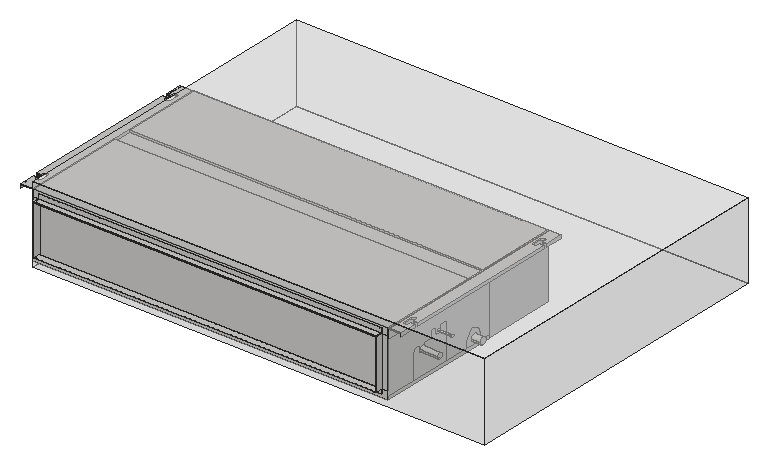
Revit family "outputfile", category 機械設備, Revit 2024
Family settings
  丸型コネクタ寸法 = 半径を使用
  パーツ タイプ = 標準
  OmniClass 番号 = 23.75.10.24.21.27.27
  OmniClass タイトル = Split System Air Conditioning Units
  作業面ベース = いいえ
  常に垂直 = はい
  ロード時にボイドで切り取り = いいえ
  注釈の向きを維持 = いいえ
  共有 = いいえ
  部屋計算ポイント = はい
Parameters (values of type "CDXM71RVMA")
  Description = ""
  書き出し IFC クラス(タイプ) = "IfcUnitaryEquipmentType"
  定義済み IFC タイプ(タイプ) = "AIRCONDITIONINGUNIT"
  Cost = 0
  Type Comments = ""
  Keynote = ""
  Type Image = (empty or 0)
  Assembly Code = ""
  switch_frequency = yes
  ld_powersupply = Depth / 2  # 310.0 mm
  製造元 = "Daikin"
  モデル = "CDXM71RVMA"
  r_Liquid Pipe Size = Liquid Pipe Size / 2  # 3.2 mm
  r_Gas Pipe Size = Gas Pipe Size / 2  # 7.95 mm
  r_Drain Pipe Size = Drain Pipe Size / 2  # 10.0 mm
  lw_powersupply = 50.0 mm  # constant formula
  lw_ductflange2 = 1020.0 mm
  lw_Width = 1060.0 mm
  lh_suctionflange [instance] = 100.0 mm  # constant formula
  ld_suctionflange [instance] = if(Rear Connection_Return Air, 190.0 mm, 100.0 mm)  # 190.0 mm
  connector_voltage = Voltage_50Hz  # 230 V
  connector_powerinput = if([Power Input (Cooling)] > [Power Input (Heating)], [Power Input (Cooling)], [Power Input (Heating)])  # 0.000 kW
  connector_phase = Phase_50Hz  # 1
  angle_vertical_RA [instance] = if(Rear Connection_Return Air, 90.00°, 0.00°)  # 90.00°
  angle horizontal_RA [instance] = if(Rear Connection_Return Air, 180.00°, 270.00°)  # 180.00°
  Voltage_comment_50Hz = "220 - 240"
  Voltage_50Hz = 230 V
  URL = ""
  Supply Air Direction [instance] = yes
  Sound Power Level_H speed (dB) = 0
  Rear Connection_Return Air [instance] = not(Bottom Connection_Return Air)  # yes
  RA_length [instance] = if(Rear Connection_Return Air, 190.0 mm, 100.0 mm)  # 190.0 mm
  Phase_50Hz = 1
  Minimum External Static Pressure = 0.00 Pa
  Minimum Circuit Amps_50Hz = 0.0 A
  Maximum Fuse Amps_50Hz = 0.0 A
  Maximum External Static Pressure = 40.00 Pa
  Material_Casing = DAIKIN_GalvanizedSteel_Casing_indoorunit
  lw_liquidpipe = 46.0 mm  # constant formula
  lw_gaspipe = 57.0 mm  # constant formula
  lw_mountinghole = 1140.0 mm
  lw_drainpipe = 30.0 mm  # constant formula
  lh_powersupply = 150.0 mm  # constant formula
  lh_liquidpipe = 90.0 mm  # constant formula
  lh_gaspipe = 113.0 mm  # constant formula
  lh_mountinghole = Height  # 200.0 mm
  lh_drainpipe = 170.0 mm  # constant formula
  lh_antena = 1.0 mm  # constant formula
  ld_liquidpipe = 193.0 mm  # constant formula
  ld_gaspipe = 130.0 mm  # constant formula
  ld_mountinghole = 500.0 mm  # constant formula
  ld_drainpipe = 330.0 mm  # constant formula
  ld_controlbox = 626.0 mm  # constant formula
  h*** = 0.0 mm  # constant formula
  d_dischargeflange = 21.2 mm  # constant formula
  Width = 1100.0 mm
  Version = "ver.1.0"
  Unit Type = "Duct(L.S.P)"
  Unit Mass Weight = 30.00 kg
  Unit Designation [instance] = ""
  Uniclass2015Version = "Products v1.30"
  Uniclass2015Title = "Split coil room air conditioning units"
  Uniclass2015Code = "Pr_70_65_03_86"
  Total Heating Capacity [instance] = 0.000 kW
  Total Cooling Capacity [instance] = 0.000 kW
  Sound Pressure Level_M speed (dBA) = 36
  Sound Pressure Level_L speed (dBA) = 34
  Sound Pressure Level_H speed (dBA) = 38
  Series = "Multi Split_Fan Coil Unit"
  Sensible Cooling Capacity [instance] = 0.000 kW
  SA Duct Size Width = 1060.0 mm
  SA Duct Size Height = 153.0 mm
  Refrigerant Type = "R32"
  RA Duct Size Width = 980.0 mm
  RA Duct Size Height = 160.0 mm
  Power Input (Heating) = 0.000 kW
  Power Input (Cooling) = 0.000 kW
  Option Accessory 3 [instance] = ""
  Option Accessory 2 [instance] = ""
  Option Accessory 1 [instance] = ""
  Nominal Heating Capacity = 8.600 kW
  Nominal Cooling Capacity = 7.100 kW
  Minimum Airflow = 810.00 m³/h
  Median Airflow = 888.00 m³/h
  Maximum Airflow = 960.00 m³/h
  Load Classification = HVAC
  Liquid Pipe Size = 6.4 mm
  Link_Nested Family [instance] = ""
  IfcVersion = ""
  IfcExportType = "AIRCONDITIONINGUNIT"
  IfcExportAs = "IfcUnitaryEquipmentType"
  Height = 200.0 mm
  Heating Entering Wet Bulb Temperature [instance] = 0.00 °C
  Heating Entering Dry Bulb Temperature [instance] = 0.00 °C
  Heating Ambient Wet Bulb Temperature [instance] = 0.00 °C
  Heating Ambient Dry Bulb Temperature [instance] = 0.00 °C
  Heat Exchanger Type = "Cross Fin Coil"
  Gas Pipe Size = 15.9 mm
  Frequency_50Hz = 50 Hz
  Fan Type = "Sirocco Fan"
  Fan Drive = "Direct Drive"
  FCU Tag No. [instance] = ""
  Drain Pipe Size = 20.0 mm
  Design Supply Airflow [instance] = 0.00 m³/h
  Design Return Airflow [instance] = 0.00 m³/h
  Design External Static Pressure [instance] = 0.00 Pa
  Depth = 620.0 mm
  既定の高さ = 0.0 mm
  Cooling Entering Wet Bulb Temperature [instance] = 0.00 °C
  Cooling Entering Dry Bulb Temperature [instance] = 0.00 °C
  Cooling Ambient Wet Bulb Temperature [instance] = 0.00 °C
  Cooling Ambient Dry Bulb Temperature [instance] = 0.00 °C
  Clearance visibility [instance] = yes
  Clearance Top = 20.0 mm
  Clearance Right = 300.0 mm
  Clearance Rear = 400.0 mm
  Clearance Left = 0.0 mm
  Clearance Front = 0.0 mm
  Clearance Bottom = 20.0 mm
  Bottom Connection_Return Air [instance] = no
Reference planes
  plane 1 "Center (Front/Back)": y = 0
  plane 2: z = 0
  plane 3 "Center (Left/Right)": x = 0
  plane 4 "Back": y = 310
  plane 5 "Front": y = -310
  plane 6 "Left": x = -550
  plane 7 "Right": x = 550
  plane 8 "Top": z = 0
  plane 9 "Bottom": z = -200
  plane 10: x = -570
  plane 11: x = 570
  plane 12: y = 250
  plane 13: z = 0
  plane 14 "Clearance Left": x = -550
  plane 15 "Clearance Right": x = 850
  plane 16 "Clearance Rear": y = 710
  plane 17 "Clearance Front": y = -310
  plane 18 "Clearance Top": z = 20
  plane 19 "Clearance Bottom": z = -220
  plane 20: y = -250
  plane 21: z = -21
  plane 22: z = -97.5
  plane 23: x = -40
  plane 24: y = 120
  plane 25: z = -100
  plane 26: y = -180
  plane 27: z = -113
  plane 28: y = -117
  plane 29: z = -90
  plane 30: y = 20
  plane 31: z = -170
  plane 32: x = 607
  plane 33: x = 596
  plane 34: x = 580
  plane 35: x = 500
  plane 36: z = -150
Forms (mm)
  Extrusion 1, solid, material "DAIKIN_GalvanizedSteel_Casing_indoorunit" <- "Material_Casing"
    sketch origin (0, 0, 0) x (1, 0, 0) y (0, 1, 0)
      loop
        line (-550, -310) -> (550, -310) -> (550, 310) -> (-550, 310) -> (-550, -310)
    from -200 to 0
  Extrusion 2, void
    sketch origin (0, 0, 1) x (1, 0, 0) y (0, 1, 0)
      loop
        line (-550, 61.5) -> (-550, 3.5) -> (550, 3.5) -> (550, 61.5) -> (-550, 61.5)
    from -1 to -7
  Extrusion 3, solid, material "DAIKIN_GalvanizedSteel_Casing_indoorunit" <- "Material_Casing", visible <- "Bottom Connection_Return Air"
    sketch origin (0, 0, 0) x (1, 0, 0) y (0, 0, 1)
      loop
        line (469, -200) -> (469, -1) -> (-549, -1) -> (-549, -200) -> (469, -200)
    from -310 to -309
  Extrusion 4, solid, material "DAIKIN_GalvanizedSteel_Casing_indoorunit" <- "Material_Casing", visible <- "Rear Connection_Return Air"
    sketch origin (0, 0, 0) x (1, 0, 0) y (0, 1, 0)
      loop
        line (-549, 310) -> (-549, 111) -> (469, 111) -> (469, 310) -> (-549, 310)
    from -200 to -199
  Extrusion 5, solid, material "DAIKIN_GalvanizedSteel_Casing_indoorunit" <- "Material_Casing"
    sketch origin (550, 0, 0) x (0, 1, 0) y (0, 0, 1)
      loop
        circle (-180, -113) r 7.95
    from 0 to 57
  Extrusion 6, solid, material "DAIKIN_GalvanizedSteel_Casing_indoorunit" <- "Material_Casing"
    sketch origin (550, 0, 0) x (0, 1, 0) y (0, 0, 1)
      loop
        circle (-117, -90) r 3.2
    from 0 to 46
  Extrusion 7, solid, material "DAIKIN_GalvanizedSteel_Casing_indoorunit" <- "Material_Casing"
    sketch origin (550, 0, 0) x (0, 1, 0) y (0, 0, 1)
      loop
        circle (20, -170) r 10
    from 0 to 30
  Extrusion 8, solid, material "DAIKIN_GalvanizedSteel_Casing_indoorunit" <- "Material_Casing"
    sketch origin (550, 0, 0) x (0, 1, 0) y (0, 0, 1)
      loop
        line (-310, -200) -> (78.6, -200) -> (78.6, -193)
        arc (78.6, -193) -> (77.721, -190.879) -> (75.6, -190) r 3
        line (75.6, -190) -> (-310, -190) -> (-310, -200)
    from 0 to -1
  Extrusion 9, solid, material "DAIKIN_GalvanizedSteel_Casing_indoorunit" <- "Material_Casing"
    sketch origin (550, 0, 0) x (0, 1, 0) y (0, 0, 1)
      loop
        line (-210, -190) -> (-85.6, -190) -> (-85.6, -83)
        arc (-85.6, -83) -> (-86.479, -80.879) -> (-88.6, -80) r 3
        line (-88.6, -80) -> (-102, -80)
        arc (-102, -80) -> (-104.121, -80.879) -> (-105, -83) r 3
        line (-105, -83) -> (-105, -90)
        arc (-105, -90) -> (-117, -102) -> (-129, -90) r 12
        line (-129, -90) -> (-129, -83)
        arc (-129, -83) -> (-129.879, -80.879) -> (-132, -80) r 3
        line (-132, -80) -> (-136.1, -80)
        arc (-136.1, -80) -> (-138.221, -80.879) -> (-139.1, -83) r 3
        line (-139.1, -83) -> (-139.1, -102.7) -> (-165, -102.7)
        arc (-165, -102.7) -> (-167.121, -103.579) -> (-168, -105.7) r 3
        line (-168, -105.7) -> (-168, -113)
        arc (-168, -113) -> (-180, -125) -> (-192, -113) r 12
        line (-192, -113) -> (-192, -105.7)
        arc (-192, -105.7) -> (-192.879, -103.579) -> (-195, -102.7) r 3
        line (-195, -102.7) -> (-207, -102.7)
        arc (-207, -102.7) -> (-209.121, -103.579) -> (-210, -105.7) r 3
        line (-210, -105.7) -> (-210, -190)
    from 0 to -1
  Extrusion 10, solid, material "DAIKIN_GalvanizedSteel_Casing_indoorunit" <- "Material_Casing"
    sketch origin (550, 0, 0) x (0, 1, 0) y (0, 0, 1)
      loop
        arc (44.5, -170) -> (20, -145.5) -> (-4.5, -170) r 24.5
        line (-4.5, -170) -> (-4.5, -190) -> (44.5, -190) -> (44.5, -170)
    from 0 to -1
  Extrusion 11, solid, material "DAIKIN_GalvanizedSteel_Casing_indoorunit" <- "Material_Casing"
    sketch origin (550, 0, 0) x (0, 1, 0) y (0, 0, 1)
      loop
        arc (86.6, -22) -> (84.479, -22.879) -> (83.6, -25) r 3
        line (83.6, -25) -> (83.6, -194.5)
        arc (83.6, -194.5) -> (84.479, -196.621) -> (86.6, -197.5) r 3
        line (86.6, -197.5) -> (307, -197.5)
        arc (307, -197.5) -> (309.121, -196.621) -> (310, -194.5) r 3
        line (310, -194.5) -> (310, -25)
        arc (310, -25) -> (309.121, -22.879) -> (307, -22) r 3
        line (307, -22) -> (86.6, -22)
    from 0 to -1
Cuts and joins
  Extrusion 2 cuts Extrusion 1
Dimensions and locks
  "Height": plane 8 "Top" to plane 9 "Bottom"
  equal spacing: plane 10, plane 3 "Center (Left/Right)", plane 11
  "lw_mountinghole": plane 10 to plane 11
  equal spacing: plane 6 "Left", plane 3 "Center (Left/Right)", plane 7 "Right"
  "Width": plane 6 "Left" to plane 7 "Right"
  "Clearance Right": plane 7 "Right" to plane 15 "Clearance Right"
  "Clearance Left": plane 14 "Clearance Left" to plane 6 "Left"
  "Clearance Rear": plane 16 "Clearance Rear" to plane 4 "Back"
  "Clearance Front": plane 5 "Front" to plane 17 "Clearance Front"
  "Clearance Top": plane 18 "Clearance Top" to plane 8 "Top"
  "Clearance Bottom": plane 9 "Bottom" to plane 19 "Clearance Bottom"
  "Depth": plane 4 "Back" to plane 5 "Front"
  equal spacing: plane 4 "Back", plane 1 "Center (Front/Back)", plane 5 "Front"
  Extrusion 3 sketch curve to Extrusion 3 sketch curve = 199.0 mm
  locked: plane 20 to plane 5 "Front" at 60
  "ld_mountinghole": plane 12 to plane 20
  locked: plane 8 "Top" to plane 21 at 21
  locked: plane 23 to plane 3 "Center (Left/Right)" at 40
  "ld_suctionflange": plane 4 "Back" to plane 24
  "lh_suctionflange": plane 8 "Top" to plane 25
  "ld_gaspipe": plane 26 to plane 5 "Front"
  "lh_gaspipe": plane 8 "Top" to plane 27
  "ld_liquidpipe": plane 28 to plane 5 "Front"
  "lh_liquidpipe": plane 8 "Top" to plane 29
  "ld_drainpipe": plane 30 to plane 5 "Front"
  "lh_drainpipe": plane 8 "Top" to plane 31
  "lw_gaspipe": plane 7 "Right" to plane 32
  "lw_liquidpipe": plane 7 "Right" to plane 33
  "lw_drainpipe": plane 7 "Right" to plane 34
  "lw_powersupply": plane 35 to plane 7 "Right"
  "lh_powersupply": plane 8 "Top" to plane 36
  "r_Gas Pipe Size": radius of Extrusion 5 sketch curve
  "r_Liquid Pipe Size": radius of Extrusion 6 sketch curve
  "r_Drain Pipe Size": radius of Extrusion 7 sketch curve
  aligned and locked: level to plane 2
  aligned and locked: Extrusion 1 to plane 9 "Bottom"
  aligned and locked: plane 8 "Top" to Extrusion 1
  aligned and locked: plane 11 to nested 2
  aligned and locked: plane 10 to nested 3
  aligned and locked: plane 10 to nested 4
  aligned and locked: plane 8 "Top" to Extrusion 2
  aligned and locked: plane 9 "Bottom" to Extrusion 4  (x2)
  aligned and locked: plane 7 "Right" to cut or joined group of Extrusion 1, Extrusion 2  (x2)
  aligned and locked: plane 3 "Center (Left/Right)" to nested 9
  aligned and locked: plane 6 "Left" to nested 7
  aligned and locked: plane 8 "Top" to nested 9
  aligned and locked: plane 11 to nested 1
  aligned and locked: nested 6 to plane 1 "Center (Front/Back)"
  aligned and locked: plane 3 "Center (Left/Right)" to nested 6
  aligned and locked: level to plane 8 "Top"
  aligned and locked: plane 1 "Center (Front/Back)" to nested 9
  aligned and locked: plane 5 "Front" to nested 10
  aligned and locked: Extrusion 1 sketch curve to plane 5 "Front"
  aligned and locked: plane 21 to nested 10
  aligned and locked: nested 5 to plane 5 "Front"
  aligned and locked: plane 3 "Center (Left/Right)" to nested 5
  aligned and locked: plane 22 to nested 5
  aligned and locked: Extrusion 2 sketch curve to plane 6 "Left"
  aligned and locked: plane 7 "Right" to Extrusion 2 sketch curve
  aligned and locked: nested 11 to plane 23
  aligned and locked: nested 11 to plane 24
  aligned and locked: plane 27 to Extrusion 5 sketch curve
  aligned and locked: plane 26 to Extrusion 5 sketch curve
  aligned and locked: plane 28 to Extrusion 6 sketch curve
  aligned and locked: plane 29 to Extrusion 6 sketch curve
  aligned and locked: plane 31 to Extrusion 7 sketch curve
  aligned and locked: plane 30 to Extrusion 7 sketch curve
  aligned and locked: plane 26 to nested 12
  aligned and locked: nested 12 to plane 27
  aligned and locked: plane 32 to Extrusion 5
  aligned and locked: plane 32 to nested 12
  aligned and locked: plane 33 to Extrusion 6
  aligned and locked: plane 28 to nested 13
  aligned and locked: nested 13 to plane 29
  aligned and locked: plane 33 to nested 13
  aligned and locked: plane 34 to Extrusion 7
  aligned and locked: plane 30 to nested 14
  aligned and locked: nested 14 to plane 31
  aligned and locked: plane 34 to nested 14
  aligned and locked: Extrusion 8 sketch curve to plane 9 "Bottom"
  aligned and locked: Extrusion 8 sketch curve to plane 5 "Front"
  aligned and locked: plane 14 "Clearance Left" to nested 15
  aligned and locked: plane 15 "Clearance Right" to nested 15
  aligned and locked: plane 16 "Clearance Rear" to nested 15
  aligned and locked: nested 15 to plane 17 "Clearance Front"
  aligned and locked: nested 15 to plane 18 "Clearance Top"
  aligned and locked: nested 15 to plane 19 "Clearance Bottom"
  aligned and locked: nested 16 to plane 35
  aligned and locked: nested 16 to plane 36
  aligned and locked: plane 4 "Back" to nested 16
Automatic sketch dimensions
  Extrusion 1 sketch curve to plane 4 "Back" = 0.0 mm
  Extrusion 1 sketch curve to plane 6 "Left" = 0.0 mm
  Extrusion 1 sketch curve to plane 7 "Right" = 0.0 mm
  Extrusion 4 sketch curve to plane 4 "Back" = 0.0 mm
  plane 6 "Left" to Extrusion 3 sketch curve = 1.0 mm
  plane 6 "Left" to Extrusion 4 sketch curve = 1.0 mm
  Extrusion 4 sketch curve to plane 1 "Center (Front/Back)" = 111.0 mm
  Extrusion 3 sketch curve to plane 9 "Bottom" = 0.0 mm
  Extrusion 3 sketch curve to plane 7 "Right" = 81.0 mm
  Extrusion 4 sketch curve to plane 7 "Right" = 81.0 mm
  Extrusion 2 sketch curve to plane 1 "Center (Front/Back)" = 3.5 mm
  Extrusion 2 sketch curve to Extrusion 2 sketch curve = 58.0 mm
  plane 9 "Bottom" to Extrusion 8 sketch curve = 7.0 mm
  Extrusion 8 sketch curve to plane 24 = 44.4 mm
  Extrusion 8 sketch curve to Extrusion 8 sketch curve = 3.0 mm
  Extrusion 9 sketch curve to plane 27 = 0.0 mm
  Extrusion 9 sketch curve to plane 26 = 0.0 mm
  Extrusion 9 sketch curve to plane 29 = 0.0 mm
  Extrusion 9 sketch curve to plane 28 = 0.0 mm
  Extrusion 9 sketch curve to plane 26 = 12.0 mm
  Extrusion 9 sketch curve to plane 25 = 2.7 mm  (x2)
  Extrusion 9 sketch curve to Extrusion 9 sketch curve = 3.0 mm  (x6)
  Extrusion 9 sketch curve to Extrusion 9 sketch curve = 12.0 mm
  plane 9 "Bottom" to Extrusion 9 sketch curve = 10.0 mm
  Extrusion 9 sketch curve to plane 26 = 30.0 mm
  Extrusion 9 sketch curve to plane 28 = 22.1 mm
  Extrusion 9 sketch curve to Extrusion 9 sketch curve = 4.1 mm
  plane 29 to Extrusion 9 sketch curve = 7.0 mm  (x2)
  Extrusion 9 sketch curve to Extrusion 9 sketch curve = 13.4 mm
  Extrusion 10 sketch curve to plane 30 = 0.0 mm
  Extrusion 10 sketch curve to plane 31 = 0.0 mm
  plane 1 "Center (Front/Back)" to Extrusion 10 sketch curve = 4.5 mm
  plane 9 "Bottom" to Extrusion 10 sketch curve = 10.0 mm
  Extrusion 11 sketch curve to plane 4 "Back" = 0.0 mm
  Extrusion 11 sketch curve to Extrusion 11 sketch curve = 3.0 mm  (x3)
  Extrusion 11 sketch curve to plane 21 = 1.0 mm
  Extrusion 11 sketch curve to plane 21 = 4.0 mm
  Extrusion 11 sketch curve to plane 24 = 33.4 mm
  plane 9 "Bottom" to Extrusion 11 sketch curve = 5.5 mm
Nested families
  nested 1: "daikin_mountinghole" at (570, 250, -200), l_antenna <- "lh_antena", Link_Nested Family <- "Link_Nested Family", h_mountinghole <- "lh_mountinghole", type "daikin_mountinghole"
    with show yes, l_antenna 1.0 mm, h_mountinghole 200.0 mm, Link_Nested Family ""
  nested 2: "daikin_mountinghole" at (570, -250, -200), Link_Nested Family <- "Link_Nested Family", l_antenna <- "lh_antena", h_mountinghole <- "lh_mountinghole", type "daikin_mountinghole"
    with show yes, l_antenna 1.0 mm, h_mountinghole 200.0 mm, Link_Nested Family ""
  nested 3: "daikin_mountinghole" at (-570, -250, -200), l_antenna <- "lh_antena", Link_Nested Family <- "Link_Nested Family", h_mountinghole <- "lh_mountinghole", type "daikin_mountinghole"
    with show yes, l_antenna 1.0 mm, h_mountinghole 200.0 mm, Link_Nested Family ""
  nested 4: "daikin_mountinghole" at (-570, 250, -200), l_antenna <- "lh_antena", Link_Nested Family <- "Link_Nested Family", h_mountinghole <- "lh_mountinghole", type "daikin_mountinghole"
    with show yes, l_antenna 1.0 mm, h_mountinghole 200.0 mm, Link_Nested Family ""
  nested 5: "daikin_connector_rotate2" at (0, -310, -97.5), length <- "d_dischargeflange", type "daikin_connector_rotate2"
    with radius 10.0 mm, length 21.2 mm, angle_vertical 90.00°, show_face no
  nested 6: "daikin_△_symbolicline" at (-75, -129.904, 200) x (-0.5, 0.866, 0) z (0, 0, 1), built-in parameter 1001364 <- "Height", visible <- "Supply Air Direction", type "daikin_△_symbolicline"
    with length 300.0 mm
  nested 7: "daikin_ductflange_CDXM-RVMA_1" at (-40, 310, -100), visible <- "Rear Connection_Return Air", material <- "Material_Casing", width <- "lw_ductflange2", type "daikin_ductflange_CDXM-RVMA_1"
    with width 1020.0 mm, material DAIKIN_GalvanizedSteel_Casing_indoorunit, height 180.0 mm, depth 21.2 mm
  nested 8: "daikin_ductflange_CDXM-RVMA_1" at (-40, 210, -200) x (1, 0, 0) z (0, 1, 0), visible <- "Bottom Connection_Return Air", material <- "Material_Casing", width <- "lw_ductflange2", type "daikin_ductflange_CDXM-RVMA_1"
    with width 1020.0 mm, material DAIKIN_GalvanizedSteel_Casing_indoorunit, height 180.0 mm, depth 21.2 mm
  nested 9: "daikin_hangerfixture_CDXM-RVMA" at (0, 0, 0), type "daikin_hangerfixture_CDXM-RVMA"
    with width 1100.0 mm
  nested 10: "daikin_ductflange_CDXM-RVMA" at (0, 3.5, -364.201), width <- "lw_Width", material <- "Material_Casing", type "daikin_ductflange_CDXM-RVMA"
    with width 1060.0 mm, material DAIKIN_GalvanizedSteel_Casing_indoorunit, height 155.0 mm, depth 21.2 mm
  nested 11: "daikin_connector_rotate3" at (-40, 120, -100), length <- "RA_length", angle_vertical <- "angle_vertical_RA", angle_horizontal <- "angle horizontal_RA", type "daikin_connector_rotate3"
    with show no, radius 10.0 mm, length 190.0 mm, angle_vertical 90.00°, angle_horizontal 180.00°
  nested 12: "daikin_connector_rotate2" at (550, -180, -113) x (0, 1, 0) z (0, 0, 1), length <- "lw_gaspipe", radius <- "r_Gas Pipe Size", type "daikin_connector_rotate2"
    with radius 7.95 mm, length 57.0 mm, angle_vertical 90.00°, show_face no
  nested 13: "daikin_connector_rotate2" at (550, -117, -90) x (0, 1, 0) z (0, 0, 1), radius <- "r_Liquid Pipe Size", length <- "lw_liquidpipe", type "daikin_connector_rotate2"
    with radius 3.2 mm, length 46.0 mm, angle_vertical 90.00°, show_face no
  nested 14: "daikin_connector_rotate2" at (550, 20, -170) x (0, 1, 0) z (0, 0, 1), radius <- "r_Drain Pipe Size", length <- "lw_drainpipe", type "daikin_connector_rotate2"
    with radius 10.0 mm, length 30.0 mm, angle_vertical 90.00°, show_face no
  nested 15: "daikin_clearancespace" at (150, 200, -99.881), visible <- "Clearance visibility", Link_Nested Family <- "Link_Nested Family", show <- "Clearance visibility", type "daikin_clearancespace"
    with width 1400.0 mm, show yes, height 240.0 mm, depth 1020.0 mm, Link_Nested Family ""
  nested 16: "daikin_connector_rotate2" at (500, 0, -150) x (-1, 0, 0) z (0, 0, 1), length <- "ld_powersupply", type "daikin_connector_rotate2"
    with radius 10.0 mm, length 310.0 mm, angle_vertical 90.00°, show_face no
Connectors
  hvac at (0, -331.2, -97.5), driven by "SA Duct Size Height", driven by "SA Duct Size Width"
    settings: on nested 5, index 1, duct flow 0.00 m³/h, flow factor 0, pres drop 0.00 Pa, loss coef 0, conn angle 0.00°, conn width 1060.0 mm, conn height 153.0 mm, conn diameter 609.6 mm, duct sys type 1, conn prof type 1, flow config 0, flow direction 2, loss method 4, conn ref index -1, conn util no, is conn primary yes, conn desc "SA Duct"
  hvac at (-40, 310, -100), driven by "RA Duct Size Height", driven by "RA Duct Size Width"
    settings: on nested 11, index 2, duct flow 0.00 m³/h, flow factor 0, pres drop 0.00 Pa, loss coef 0, conn angle 0.00°, conn width 980.0 mm, conn height 160.0 mm, conn diameter 609.6 mm, duct sys type 2, conn prof type 1, flow config 0, flow direction 1, loss method 4, conn ref index -1, conn util no, is conn primary no, conn desc "RA Duct"
  piping at (607, -180, -113), diameter 15.9, driven by "r_Gas Pipe Size"
    settings: on nested 12, index 3, connector inside diameter 609.6 mm, connector length 0.0 mm, flow factor 0, pipe flow 0.00 m³/h, pressure drop 0.0 Pa, fitting loss kfactor 0, connector angle 0.00°, fixture units 0, engagement length 0.0 mm, angle of deflection 0.00°, flow configuration 1, flow direction 2, fitting loss method 0, system type 29, joint type 0, gender type 0, connector reference index -1, connector utility 0, adjustable connector no, is connector primary yes, connector description "Refrigerant Gas Piping"
  piping at (596, -117, -90), diameter 6.4, driven by "r_Liquid Pipe Size"
    settings: on nested 13, index 4, connector inside diameter 609.6 mm, connector length 0.0 mm, flow factor 0, pipe flow 0.00 m³/h, pressure drop 0.0 Pa, fitting loss kfactor 0, connector angle 0.00°, fixture units 0, engagement length 0.0 mm, angle of deflection 0.00°, flow configuration 1, flow direction 1, fitting loss method 0, system type 29, joint type 0, gender type 0, connector reference index -1, connector utility 0, adjustable connector no, is connector primary no, connector description "Refrigerant Liquid Piping"
  piping at (580, 20, -170), diameter 20, driven by "r_Drain Pipe Size"
    settings: on nested 14, index 5, connector inside diameter 609.6 mm, connector length 0.0 mm, flow factor 0, pipe flow 0.00 m³/h, pressure drop 0.0 Pa, fitting loss kfactor 0, connector angle 0.00°, fixture units 0, engagement length 0.0 mm, angle of deflection 0.00°, flow configuration 1, flow direction 2, fitting loss method 4, system type 16, joint type 0, gender type 0, connector reference index -1, connector utility 0, adjustable connector no, is connector primary no, connector description "Condensate Drain Piping"
  electrical at (500, 310, -150), driven by "Load Classification", driven by "connector_phase", driven by "connector_voltage", driven by "connector_powerinput"
    settings: on nested 16, index 6, voltage 230 V, apparent load 0 VA, apparent load phase1 0 VA, apparent load phase2 0 VA, apparent load phase3 0 VA, power factor 1, load classification "HVAC", number of poles 1, system type 30, power factor state 1, is connector primary yes, connector utility no, sub classification motor no, connector description "Power Supply"
Definition of nested family "daikin_ductflange_CDXM-RVMA_1"
  Parameters (values of type "daikin_ductflange_CDXM-RVMA_1")
    width [instance] = 620.0 mm
    material [instance] = none
    height [instance] = 180.0 mm
    depth [instance] = 21.2 mm
    Default Elevation = 0.0 mm
  Reference planes
    plane 1 "Center (Front/Back)": y = 0
    plane 2: z = 0
    plane 3 "Center (Left/Right)": x = 0
    plane 4: x = -310
    plane 5: x = 310
    plane 6: z = 90
    plane 7: z = -90
    plane 8: z = 100
    plane 9: z = -100
    plane 10: x = -309
    plane 11: x = 309
  Forms (mm)
    Extrusion 1, solid, material <- "material"
      sketch origin (0, 0, 0) x (1, 0, 0) y (0, 0, 1)
        loop
          line (-290, 80) -> (-290, -80) -> (290, -80) -> (290, 80) -> (-290, 80)
        loop
          line (-309, -99) -> (309, -99) -> (309, 99) -> (-309, 99) -> (-309, -99)
      from 0 to 1
  Dimensions and locks
    equal spacing: plane 5, plane 3 "Center (Left/Right)", plane 4, locked at 310 each
    "width": plane 5 to plane 4
    equal spacing: plane 6, level, plane 7, locked at 90 each
    "height": plane 6 to plane 7
    equal spacing: plane 8, level, plane 9, locked at 100 each
    locked: plane 8 to plane 9 at 200
    plane 10 to plane 4 = 1.0 mm
    locked: plane 5 to plane 11 at 1
    locked: Extrusion 1 sketch curve to Extrusion 1 sketch curve at 19  (x4)
    locked: plane 8 to Extrusion 1 sketch curve at 1
    locked: Extrusion 1 sketch curve to plane 9 at 1
    aligned and locked: level to plane 2
  Automatic sketch dimensions
    plane 4 to Extrusion 1 sketch curve = 1.0 mm
    Extrusion 1 sketch curve to plane 5 = 1.0 mm
Definition of nested family "daikin_hangerfixture_CDXM-RVMA"
  Parameters (values of type "daikin_hangerfixture_CDKS-EAVMA")
    width = 700.0 mm
    material = none
    height = 30.0 mm
    depth = 618.0 mm
    Default Elevation = 0.0 mm
  Reference planes
    plane 1 "Center (Front/Back)": y = 0
    plane 2: z = 0
    plane 3 "Center (Left/Right)": x = 0
    plane 4: x = 350
    plane 5: y = 309
    plane 6: y = -309
    plane 7: x = -350
    plane 8: z = -30
  Forms (mm)
    Extrusion 1, solid, material <- "material"
      sketch origin (0, 0, 0) x (1, 0, 0) y (0, 0, 1)
        loop
          line (350, 0) -> (350, -30) -> (352.3, -30) -> (352.3, -2.3) -> (387.7, -2.3) -> (387.7, -10) -> (390, -10) -> (390, 0) -> (350, 0)
      from -309 to 309
    Extrusion 2, void
      sketch origin (0, 0, 0) x (0, 1, 0) y (0, 0, 1)
        loop
          line (309, -30) -> (309, -17.979) -> (87.935, -17.979) -> (75.914, -30) -> (309, -30)
      from 0 to 450
    Extrusion 3, void
      sketch origin (0, 0, 0) x (1, 0, 0) y (0, 1, 0)
        loop
          line (390, -243.5) -> (377, -243.5) -> (377, -237)
          arc (377, -237) -> (370, -230) -> (363, -237) r 7
          line (363, -237) -> (363, -263)
          arc (363, -263) -> (370, -270) -> (377, -263) r 7
          line (377, -263) -> (377, -256.5) -> (390, -256.5) -> (390, -243.5)
        loop
          line (390, 243.5) -> (390, 256.5) -> (377, 256.5) -> (377, 263)
          arc (377, 263) -> (370, 270) -> (363, 263) r 7
          line (363, 263) -> (363, 237)
          arc (363, 237) -> (370, 230) -> (377, 237) r 7
          line (377, 237) -> (377, 243.5) -> (390, 243.5)
      from -254.96 to 618
    Extrusion 4, solid, material <- "material"
      sketch origin (0, 0, 0) x (-1, 0, 0) y (0, 0, -1)
        loop
          line (350, 0) -> (390, 0) -> (390, 10) -> (387.7, 10) -> (387.7, 2.3) -> (352.3, 2.3) -> (352.3, 30) -> (350, 30) -> (350, 0)
      from -309 to 309
    Extrusion 5, void
      sketch origin (0, 0, 0) x (-1, 0, 0) y (0, -1, 0)
        loop
          line (390, 243.5) -> (390, 256.5) -> (377, 256.5) -> (377, 263)
          arc (377, 263) -> (370, 270) -> (363, 263) r 7
          line (363, 263) -> (363, 237)
          arc (363, 237) -> (370, 230) -> (377, 237) r 7
          line (377, 237) -> (377, 243.5) -> (390, 243.5)
        loop
          line (390, -243.5) -> (377, -243.5) -> (377, -237)
          arc (377, -237) -> (370, -230) -> (363, -237) r 7
          line (363, -237) -> (363, -263)
          arc (363, -263) -> (370, -270) -> (377, -263) r 7
          line (377, -263) -> (377, -256.5) -> (390, -256.5) -> (390, -243.5)
      from -254.96 to 618
  Cuts and joins
    Extrusion 2, Extrusion 3, Extrusion 5 cuts Extrusion 1
    Extrusion 5 cuts Extrusion 4
  Dimensions and locks
    equal spacing: plane 5, plane 1 "Center (Front/Back)", plane 6
    "depth": plane 5 to plane 6
    plane 6 to plane 1 "Center (Front/Back)" to plane 5 = 309.0 mm, 309.0 mm
    equal spacing: plane 4, plane 3 "Center (Left/Right)", plane 7
    "width": plane 4 to plane 7
    "height": level to plane 8
    aligned and locked: level to plane 2
    aligned and locked: plane 5 to Extrusion 1
    aligned and locked: Extrusion 1 to plane 6
    aligned and locked: Extrusion 1 to plane 4
    aligned and locked: plane 5 to cut or joined group of Extrusion 1, Extrusion 2, Extrusion 3, Extrusion 5
    aligned and locked: cut or joined group of Extrusion 1, Extrusion 2, Extrusion 3, Extrusion 5 to plane 6
    aligned and locked: level to cut or joined group of Extrusion 1, Extrusion 2, Extrusion 3, Extrusion 5
    aligned and locked: cut or joined group of Extrusion 1, Extrusion 2, Extrusion 3, Extrusion 5 to plane 8
    aligned and locked: plane 5 to cut or joined group of Extrusion 4, Extrusion 5
    aligned and locked: cut or joined group of Extrusion 4, Extrusion 5 to plane 6
  Automatic sketch dimensions
    Extrusion 1 sketch curve to plane 4 = 0.0 mm
    Extrusion 1 sketch curve to plane 8 = 0.0 mm
    Extrusion 1 sketch curve to level = 0.0 mm
    plane 4 to Extrusion 1 sketch curve = 2.3 mm
    Extrusion 1 sketch curve to level = 2.3 mm
    Extrusion 1 sketch curve to Extrusion 1 sketch curve = 35.4 mm
    Extrusion 1 sketch curve to Extrusion 1 sketch curve = 2.3 mm
    Extrusion 1 sketch curve to Extrusion 1 sketch curve = 7.7 mm
    Extrusion 2 sketch curve to plane 8 = 0.0 mm
    Extrusion 2 sketch curve to plane 5 = 0.0 mm
    plane 8 to Extrusion 2 sketch curve = 12.021 mm
    Extrusion 2 sketch curve to plane 1 "Center (Front/Back)" = 87.935 mm
    Extrusion 2 sketch curve to Extrusion 2 sketch curve = 12.021 mm
    plane 4 to Extrusion 3 sketch curve = 13.0 mm  (x2)
    Extrusion 3 sketch curve to Extrusion 3 sketch curve = 7.0 mm  (x4)
    Extrusion 3 sketch curve to Extrusion 3 sketch curve = 13.0 mm  (x4)
    plane 6 to Extrusion 3 sketch curve = 46.0 mm
    Extrusion 3 sketch curve to Extrusion 3 sketch curve = 6.5 mm  (x4)
    Extrusion 3 sketch curve to plane 5 = 72.0 mm
    Extrusion 4 sketch curve to plane 7 = 0.0 mm
    Extrusion 4 sketch curve to plane 8 = 0.0 mm
    Extrusion 4 sketch curve to level = 0.0 mm
    Extrusion 4 sketch curve to plane 7 = 2.3 mm
    Extrusion 4 sketch curve to level = 2.3 mm
    Extrusion 4 sketch curve to Extrusion 4 sketch curve = 35.4 mm
    Extrusion 4 sketch curve to Extrusion 4 sketch curve = 2.3 mm
    Extrusion 4 sketch curve to Extrusion 4 sketch curve = 7.7 mm
    Extrusion 5 sketch curve to plane 7 = 13.0 mm  (x2)
    Extrusion 5 sketch curve to Extrusion 5 sketch curve = 7.0 mm  (x4)
    Extrusion 5 sketch curve to Extrusion 5 sketch curve = 13.0 mm  (x4)
    Extrusion 5 sketch curve to plane 5 = 46.0 mm
    Extrusion 5 sketch curve to Extrusion 5 sketch curve = 6.5 mm  (x4)
    plane 6 to Extrusion 5 sketch curve = 72.0 mm
Definition of nested family "daikin_ductflange_CDXM-RVMA"
  Parameters (values of type "daikin_ductflange_FXDQ-NDVET")
    width [instance] = 660.0 mm
    material [instance] = none
    height [instance] = 155.0 mm
    depth [instance] = 21.2 mm
    Default Elevation = 0.0 mm
  Reference planes
    plane 1 "Center (Front/Back)": y = 0
    plane 2: z = 189.201
    plane 3 "Center (Left/Right)": x = 0
    plane 4: y = -313.5
    plane 5: x = -330
    plane 6: x = 330
    plane 7: y = -334.7
    plane 8: z = 344.201
    plane 9: z = 266.701
    plane 10: z = 343.201
    plane 11: z = 190.201
  Forms (mm)
    Extrusion 1, solid, material <- "material"
      sketch origin (0, 0, 189.201) x (1, 0, 0) y (0, 1, 0)
        loop
          line (-330, -334.7) -> (-330, -313.5) -> (-350, -313.5) -> (-350, -314.5) -> (-331, -314.5) -> (-331, -334.7) -> (-330, -334.7)
        loop
          line (330, -334.7) -> (331, -334.7) -> (331, -314.5) -> (350, -314.5) -> (350, -313.5) -> (330, -313.5) -> (330, -334.7)
      from 1 to 154
    Extrusion 2, solid, material <- "material"
      sketch origin (0, 0, 0) x (0, 1, 0) y (0, 0, 1)
        loop
          line (-313.5, 343.201) -> (-313.5, 358.201) -> (-314.5, 358.201) -> (-314.5, 344.201) -> (-334.7, 344.201) -> (-334.7, 343.201) -> (-313.5, 343.201)
        loop
          line (-313.5, 190.201) -> (-334.7, 190.201) -> (-334.7, 189.201) -> (-314.5, 189.201) -> (-314.5, 175.201) -> (-313.5, 175.201) -> (-313.5, 190.201)
      from -330 to 330
  Dimensions and locks
    plane 4 to plane 1 "Center (Front/Back)" = 313.5 mm
    "depth": plane 7 to plane 4
    equal spacing: plane 8, plane 9, level
    "height": plane 8 to level
    equal spacing: plane 6, plane 3 "Center (Left/Right)", plane 5
    "width": plane 6 to plane 5
    locked: plane 8 to plane 10 at 1
    locked: plane 11 to level at 1
    locked: Extrusion 1 to Extrusion 2 sketch curve at 1
    locked: Extrusion 2 sketch curve to Extrusion 1 at 1
    plane 10 to plane 11 = 153.0 mm
    aligned and locked: level to plane 2
    aligned and locked: Extrusion 2 to plane 5
    aligned and locked: Extrusion 2 to plane 11
    aligned and locked: Extrusion 2 to plane 10
    aligned and locked: plane 6 to Extrusion 2
    aligned and locked: plane 5 to Extrusion 2  (x2)
    aligned and locked: plane 5 to Extrusion 1  (x2)
    aligned and locked: Extrusion 1 to plane 6
    aligned and locked: plane 6 to Extrusion 1
    aligned and locked: Extrusion 1 to plane 10
  Automatic sketch dimensions
    Extrusion 2 sketch curve to plane 7 = 0.0 mm  (x2)
    Extrusion 2 sketch curve to plane 4 = 0.0 mm  (x2)
    Extrusion 2 sketch curve to plane 11 = 0.0 mm
    Extrusion 2 sketch curve to plane 10 = 0.0 mm
    Extrusion 2 sketch curve to plane 4 = 1.0 mm  (x2)
    Extrusion 2 sketch curve to level = 14.0 mm
    plane 8 to Extrusion 2 sketch curve = 14.0 mm
    Extrusion 1 sketch curve to plane 4 = 0.0 mm  (x2)
    Extrusion 1 sketch curve to plane 7 = 0.0 mm  (x2)
    Extrusion 1 sketch curve to plane 5 = 0.0 mm
    Extrusion 1 sketch curve to plane 6 = 0.0 mm
    Extrusion 1 sketch curve to plane 5 = 1.0 mm
    Extrusion 1 sketch curve to Extrusion 1 sketch curve = 19.0 mm  (x2)
    Extrusion 1 sketch curve to Extrusion 1 sketch curve = 1.0 mm
    Extrusion 1 sketch curve to plane 4 = 1.0 mm  (x2)
Definition of nested family "daikin_clearancespace"
  Parameters (values of type "daikin_clearancespace")
    Description = "daikin_clearancespace"
    width [instance] = 1823.963 mm
    show [instance] = yes
    material = none
    height [instance] = 1359.762 mm
    depth [instance] = 880.0 mm
    Default Elevation = 0.0 mm
    Link_Nested Family [instance] = ""
  Reference planes
    plane 1 "Center (Front/Back)": y = 0
    plane 2 "Center (Elevation)": z = -0.119
    plane 3 "Center (Left/Right)": x = 0
    plane 4: y = 440
    plane 5: y = -440
    plane 6 "Right": x = 911.982
    plane 7 "Left": x = -911.982
    plane 8 "Top": z = 679.762
    plane 9 "Bottom": z = -680
  Forms (mm)
    Extrusion 1, solid, material <- "material", visible <- "show"
      sketch origin (0, 0, 0) x (1, 0, 0) y (0, 1, 0)
        loop
          line (-911.982, 440) -> (-911.982, -440) -> (911.982, -440) -> (911.982, 440) -> (-911.982, 440)
      from -680 to 679.762
  Lines and regions (mm)
    symbolic lines, visible <- "show"
      curve 1: line (911.982, 440, 0) -> (-911.982, 440, 0)
      curve 2: line (-911.982, 440, 0) -> (-911.982, -440, 0)
      curve 3: line (-911.982, -440, 0) -> (911.982, -440, 0)
      curve 4: line (911.982, -440, 0) -> (911.982, 440, 0)
      curve 5: line (911.982, 0, 679.762) -> (-911.982, 0, 679.762)
      curve 6: line (911.982, 0, -680) -> (911.982, 0, 679.762)
      curve 7: line (-911.982, 0, -680) -> (911.982, 0, -680)
      curve 8: line (-911.982, 0, 679.762) -> (-911.982, 0, -680)
      curve 9: line (0, 440, 679.762) -> (0, -440, 679.762)
      curve 10: line (0, -440, 679.762) -> (0, -440, -680)
      curve 11: line (0, 440, -680) -> (0, 440, 679.762)
      curve 12: line (0, -440, -680) -> (0, 440, -680)
  Dimensions and locks
    "width": plane 7 "Left" to plane 6 "Right"
    "depth": plane 4 to plane 5
    "height": plane 8 "Top" to plane 9 "Bottom"
    equal spacing: plane 7 "Left", plane 3 "Center (Left/Right)", plane 6 "Right"
    equal spacing: plane 4, plane 1 "Center (Front/Back)", plane 5
    equal spacing: plane 8 "Top", plane 2 "Center (Elevation)", plane 9 "Bottom"
    aligned and locked: level to plane 2 "Center (Elevation)"
    aligned and locked: Extrusion 1 sketch curve to plane 4
    aligned and locked: plane 7 "Left" to Extrusion 1 sketch curve
    aligned and locked: Extrusion 1 sketch curve to plane 5
    aligned and locked: Extrusion 1 sketch curve to plane 6 "Right"
    aligned and locked: plane 8 "Top" to Extrusion 1
    aligned and locked: curve 1 to Extrusion 1
    aligned and locked: curve 2 to Extrusion 1
    aligned and locked: curve 3 to Extrusion 1
    aligned and locked: curve 4 to Extrusion 1
    aligned and locked: curve 5 to Extrusion 1
    aligned and locked: curve 6 to Extrusion 1
    aligned and locked: curve 7 to Extrusion 1
    aligned and locked: curve 8 to Extrusion 1
    aligned and locked: curve 9 to Extrusion 1
    aligned and locked: curve 10 to Extrusion 1
    aligned and locked: curve 11 to Extrusion 1
    aligned and locked: curve 12 to Extrusion 1
    aligned and locked: Extrusion 1 to plane 9 "Bottom"
Definition of nested family "daikin_mountinghole"
  Parameters (values of type "daikin_mountinghole")
    Default Elevation = 1219.2 mm
    Type Comments = "mountinghole"
    show [instance] = yes
    material = none
    l_centerline = 100.0 mm
    l_antenna [instance] = 100.0 mm
    h_mountinghole [instance] = 0.0 mm
    d_circle = 30.0 mm
    Link_Nested Family [instance] = ""
  Reference planes
    plane 1 "Center (Front/Back)": y = 0
    plane 2: z = 0
    plane 3 "Center (Left/Right)": x = 0
    plane 4: y = 50
    plane 5: x = -50
    plane 6: x = 50
    plane 7: y = -50
    plane 8 "h_mountinghole": z = 0
    plane 9: z = 100
  Lines and regions (mm)
    model lines, detail levels fine
      curve 1: circle (0, 0, 0) r 15 normal (0, 0, 1)
      curve 2: line (-50, 0, 0) -> (50, 0, 0)
      curve 3: line (0, 50, 0) -> (0, -50, 0)
    symbolic lines, detail levels fine
      curve 4: circle (0, 0, 0) r 15 normal (0, 0, 1)
      curve 5: line (-50, 0, 0) -> (50, 0, 0)
      curve 6: line (0, 50, 0) -> (0, -50, 0)
    model lines
      curve 7: line (0, 0, 100) -> (0, 0, 0)
  Dimensions and locks
    equal spacing: plane 4, plane 1 "Center (Front/Back)", plane 7
    "l_centerline": plane 4 to plane 7
    equal spacing: plane 5, plane 3 "Center (Left/Right)", plane 6
    "l_centerline": plane 5 to plane 6
    "l_antenna": plane 9 to plane 8 "h_mountinghole"
    "h_mountinghole": plane 8 "h_mountinghole" to plane 2
    "d_circle": diameter of curve 1
    "d_circle": diameter of curve 4
    aligned and locked: level to plane 2
    aligned and locked: plane 1 "Center (Front/Back)" to curve 1
    aligned and locked: plane 3 "Center (Left/Right)" to curve 1
    aligned and locked: plane 1 "Center (Front/Back)" to curve 2
    aligned and locked: curve 3 to plane 3 "Center (Left/Right)"
    aligned and locked: plane 6 to curve 2
    aligned and locked: plane 5 to curve 2
    aligned and locked: plane 4 to curve 3
    aligned and locked: plane 7 to curve 3
    aligned and locked: plane 1 "Center (Front/Back)" to curve 4
    aligned and locked: plane 3 "Center (Left/Right)" to curve 4
    aligned and locked: plane 6 to curve 5
    aligned and locked: plane 5 to curve 5
    aligned and locked: plane 1 "Center (Front/Back)" to curve 5
    aligned and locked: plane 4 to curve 6
    aligned and locked: plane 7 to curve 6
    aligned and locked: curve 6 to plane 3 "Center (Left/Right)"
    aligned and locked: curve 7 to plane 3 "Center (Left/Right)"
    aligned and locked: plane 9 to curve 7
    aligned and locked: plane 8 "h_mountinghole" to curve 7
Definition of nested family "daikin_connector_rotate2"
  Parameters (values of type "daikin_connector_rotate2")
    show_face = yes
    radius [instance] = 10.0 mm
    length [instance] = 600.0 mm
    d_surface = 10.0 mm
    angle_vertical [instance] = 90.00°
    Default Elevation = 0.0 mm
  Reference planes
    plane 1 "Center (Front/Back)": y = 0
    plane 2: z = 0
    plane 3 "Center (Left/Right)": x = 0
  Forms (mm)
    Extrusion 1, solid, visible <- "show_face"
      sketch origin (0, -600, 0) x (1, 0, 0) y (0, 0, 1)
        loop
          circle (0, 0) r 10
      from 0 to -10
  Lines and regions (mm)
    reference lines
      curve 1: line (0, 0, 0) -> (0, -600, 0)
    symbolic lines
      curve 2: circle (0, 0, 0) r 5 normal (0, 0, 1)
    model lines, visible <- "show_face"
      curve 3: line (0, 0, 0) -> (0, -600, 0)
  Dimensions and locks
    "length": curve 1 to curve 1
    "length": curve 3 to curve 3
    "d_surface": Extrusion 1 to Extrusion 1
    "radius": radius of Extrusion 1 sketch curve
    "angle_vertical": angle curve 1 to plane 1 "Center (Front/Back)"
    "angle_vertical": angle curve 3 to plane 1 "Center (Front/Back)"
    aligned and locked: level to plane 2
    aligned and locked: plane 1 "Center (Front/Back)" to curve 1
    aligned and locked: plane 2 to curve 1
    aligned and locked: plane 1 "Center (Front/Back)" to curve 2
    aligned and locked: plane 3 "Center (Left/Right)" to curve 2
    aligned and locked: plane 1 "Center (Front/Back)" to curve 3
    aligned and locked: plane 2 to curve 3
    aligned and locked: Extrusion 1 to Extrusion 1
  Automatic sketch dimensions
    Extrusion 1 sketch curve to level = 0.0 mm
    Extrusion 1 sketch curve to plane 3 "Center (Left/Right)" = 0.0 mm
    radius of curve 2 = 5.0 mm
Definition of nested family "daikin_△_symbolicline"
  Parameters (values of type "daikin_△_symbolicline")
    length [instance] = 500.0 mm
    Default Elevation = 0.0 mm
  Reference planes
    plane 1 "Center (Front/Back)": y = 0
    plane 2: z = 0
    plane 3 "Center (Left/Right)": x = 0
  Lines and regions (mm)
    symbolic lines
      curve 1: line (0, -433.013, 0) -> (250, 0, 0)
      curve 2: line (250, 0, 0) -> (-250, 0, 0)
      curve 3: line (-250, 0, 0) -> (0, -433.013, 0)
  Dimensions and locks
    equal spacing: curve 3, plane 3 "Center (Left/Right)", curve 2
    "length": curve 3 to curve 2
    "length": curve 3 to curve 3
    "length": curve 1 to curve 1
    aligned and locked: level to plane 2
    aligned and locked: curve 2 to plane 1 "Center (Front/Back)"
    aligned and locked: plane 3 "Center (Left/Right)" to curve 3
Definition of nested family "daikin_connector_rotate3"
  Parameters (values of type "daikin_connector_rotate3")
    Default Elevation = 1219.2 mm
    show [instance] = yes
    radius [instance] = 10.0 mm
    length [instance] = 600.0 mm
    angle_horizontal [instance] = 60.00°
    angle_vertical [instance] = 90.00°
  Reference planes
    plane 1 "Center (Front/Back)": y = 0
    plane 2: z = 0
    plane 3 "Center (Left/Right)": x = 0
  Dimensions and locks
    "angle_horizontal": angle plane 3 "Center (Left/Right)" to nested 1
    aligned and locked: level to plane 2
    aligned and locked: plane 1 "Center (Front/Back)" to nested 1  (x2)
    aligned and locked: plane 3 "Center (Left/Right)" to nested 1
  Nested families
    nested 1: "daikin_connector_rotate2" at (0, 0, 0) x (0.5, 0.866, 0) z (0, 0, 1), angle_vertical <- "angle_vertical", length <- "length", radius <- "radius", type "daikin_connector_rotate2"
      with radius 10.0 mm, length 600.0 mm, angle_vertical 90.00°
  Definition of nested family "daikin_connector_rotate2"
    Parameters (values of type "daikin_connector_rotate2")
      show_face = yes
      radius [instance] = 10.0 mm
      length [instance] = 600.0 mm
      d_surface = 10.0 mm
      angle_vertical [instance] = 90.00°
      Default Elevation = 0.0 mm
    Reference planes
      plane 1 "Center (Front/Back)": y = 0
      plane 2: z = 0
      plane 3 "Center (Left/Right)": x = 0
    Forms (mm)
      Extrusion 1, solid, visible <- "show_face"
        sketch origin (0, -600, 0) x (1, 0, 0) y (0, 0, 1)
          loop
            circle (0, 0) r 10
        from 0 to -10
    Lines and regions (mm)
      reference lines
        curve 1: line (0, 0, 0) -> (0, -600, 0)
      symbolic lines
        curve 2: circle (0, 0, 0) r 5 normal (0, 0, 1)
      model lines, visible <- "show_face"
        curve 3: line (0, 0, 0) -> (0, -600, 0)
    Dimensions and locks
      "length": curve 1 to curve 1
      "length": curve 3 to curve 3
      "d_surface": Extrusion 1 to Extrusion 1
      "radius": radius of Extrusion 1 sketch curve
      "angle_vertical": angle curve 1 to plane 1 "Center (Front/Back)"
      "angle_vertical": angle curve 3 to plane 1 "Center (Front/Back)"
      aligned and locked: level to plane 2
      aligned and locked: plane 1 "Center (Front/Back)" to curve 1
      aligned and locked: plane 2 to curve 1
      aligned and locked: plane 1 "Center (Front/Back)" to curve 2
      aligned and locked: plane 3 "Center (Left/Right)" to curve 2
      aligned and locked: plane 1 "Center (Front/Back)" to curve 3
      aligned and locked: plane 2 to curve 3
      aligned and locked: Extrusion 1 to Extrusion 1
    Automatic sketch dimensions
      Extrusion 1 sketch curve to level = 0.0 mm
      Extrusion 1 sketch curve to plane 3 "Center (Left/Right)" = 0.0 mm
      radius of curve 2 = 5.0 mm
